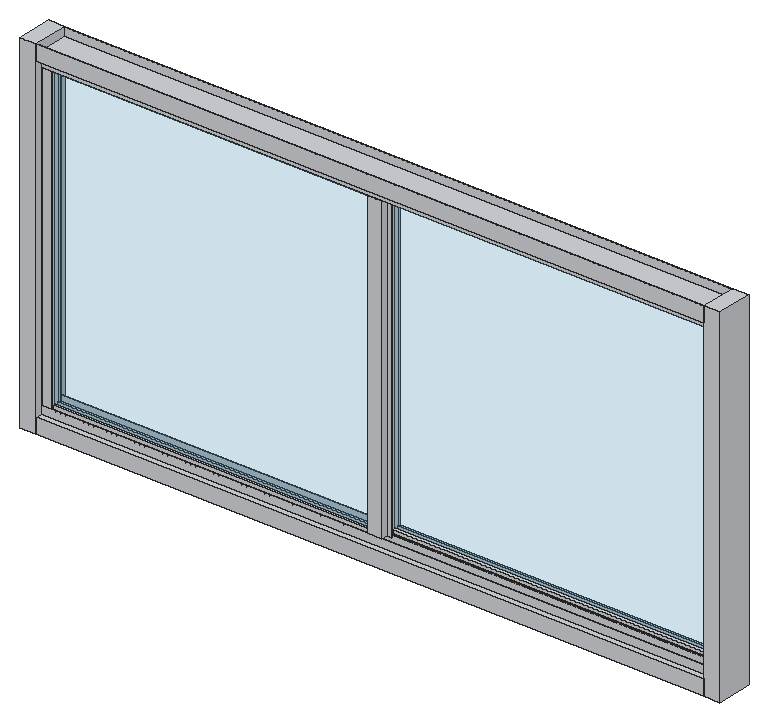
Revit family "MT-VMS_DB-SG_XX", category Windows, host Wall, Revit 2017 (continued)
Definition of nested family "VMS_DB-SG_OX_101mm"
  Definition of nested family "VMS_DB-SG_GLAZED PANEL"
    Definition of nested family "VMS_V3_SGL_MEDIUM"
      Reference planes
        plane 1 "Center (Front/Back)": y = 0
        plane 2: z = 0
        plane 3 "Center (Left/Right)": x = 0
      Lines and regions (mm)
        model lines, in view "Ref. Level"
          curve 1: line (13.914, -23.65, 0) -> (27.914, -23.65, 0)
          curve 2: line (27.914, -23.65, 0) -> (27.914, -22.45, 0)
          curve 3: line (27.914, -22.45, 0) -> (13.914, -22.45, 0)
          curve 4: line (13.914, -22.45, 0) -> (13.914, -1.2, 0)
          curve 5: line (26.414, -1.2, 0) -> (26.414, -5.1, 0)
          curve 6: line (27.914, -6.489, 0) -> (27.914, 0, 0)
          curve 7: line (27.914, 0, 0) -> (0, 0, 0)
          curve 8: line (1.002, -1.2, 0) -> (4.73, -1.2, 0)
          curve 9: line (0, 0, 0) -> (0, -26.9, 0)
          curve 10: line (1.002, -25.7, 0) -> (1.002, -1.2, 0)
          curve 11: line (0, -26.9, 0) -> (21.039, -26.9, 0)
          curve 12: line (21.039, -26.102, 0) -> (13.914, -25.397, 0)
          curve 13: line (13.914, -25.397, 0) -> (13.914, -23.65, 0)
          curve 14: line (13.914, -1.2, 0) -> (26.414, -1.2, 0)
          curve 15: line (12.512, -1.2, 0) -> (12.512, -25.7, 0)
          curve 16: line (12.512, -25.7, 0) -> (6.132, -25.7, 0)
          curve 23: line (6.132, -1.2, 0) -> (12.512, -1.2, 0)
          curve 24: line (4.73, -25.7, 0) -> (1.002, -25.7, 0)
        detail lines, in view "Ref. Level"
          curve 17: line (21.039, -26.102, 0) -> (21.039, -26.9, 0)
          curve 18: line (27.914, -6.489, 0) -> (21.583, -6.489, 0)
          curve 19: line (26.414, -5.1, 0) -> (21.583, -5.1, 0)
          curve 20: line (21.583, -6.489, 0) -> (21.583, -5.1, 0)
          curve 21: line (6.132, -25.7, 0) -> (6.132, -1.2, 0)
          curve 22: line (4.73, -1.2, 0) -> (4.73, -25.7, 0)
    Definition of nested family "VMS_VM64_SILL DETAIL_FINE"
      Reference planes
        plane 1 "Center (Front/Back)": y = 0
        plane 2: z = 0
        plane 3 "Center (Left/Right)": x = 0
      Lines and regions (mm)
        model lines, in view "Ref. Level"
          curve 1: arc (4.124, -13.835, 0) -> (4.075, -13.45, 0) -> (4.124, -13.065, 0) r 1.525
          curve 2: arc (4.529, -12.365, 0) -> (4.813, -12.144, 0) -> (5.14, -11.996, 0) r 1.525
          curve 3: arc (6.06, -11.996, 0) -> (6.369, -12.133, 0) -> (6.64, -12.334, 0) r 1.525
          curve 4: arc (6.64, -12.334, 0) -> (7.145, -12.421, 0) -> (7.426, -11.992, 0) r 0.468
          curve 5: arc (7.426, -11.154, 0) -> (7.404, -11.062, 0) -> (7.342, -10.991, 0) r 0.2
          curve 6: arc (7.342, -10.991, 0) -> (6.899, -10.731, 0) -> (6.419, -10.55, 0) r 3.014
          curve 7: arc (6.419, -10.55, 0) -> (6.261, -10.442, 0) -> (6.2, -10.261, 0) r 0.3
          curve 8: arc (6.2, -1.5, 0) -> (6.288, -1.288, 0) -> (6.5, -1.2, 0) r 0.3
          curve 9: arc (12.312, -1.2, 0) -> (12.453, -1.259, 0) -> (12.512, -1.4, 0) r 0.2
          curve 10: arc (12.512, -25.5, 0) -> (12.453, -25.641, 0) -> (12.312, -25.7, 0) r 0.2
          curve 11: arc (8.4, -25.7, 0) -> (8.259, -25.641, 0) -> (8.2, -25.5, 0) r 0.2
          curve 12: arc (8.2, -23.8, 0) -> (8.141, -23.659, 0) -> (8, -23.6, 0) r 0.2
          curve 13: arc (6.5, -23.6, 0) -> (6.288, -23.512, 0) -> (6.2, -23.3, 0) r 0.3
          curve 14: arc (6.2, -16.639, 0) -> (6.261, -16.458, 0) -> (6.419, -16.35, 0) r 0.3
          curve 15: arc (6.419, -16.35, 0) -> (6.899, -16.169, 0) -> (7.342, -15.909, 0) r 3.014
          curve 16: arc (7.342, -15.909, 0) -> (7.404, -15.838, 0) -> (7.426, -15.746, 0) r 0.2
          curve 17: arc (7.426, -14.908, 0) -> (7.145, -14.479, 0) -> (6.64, -14.566, 0) r 0.468
          curve 18: arc (6.64, -14.566, 0) -> (6.369, -14.767, 0) -> (6.06, -14.904, 0) r 1.525
          curve 19: arc (5.14, -14.904, 0) -> (4.813, -14.756, 0) -> (4.529, -14.535, 0) r 1.525
          curve 20: arc (2.1, -11.652, 0) -> (2.188, -11.864, 0) -> (2.4, -11.952, 0) r 0.3
          curve 21: arc (2.4, -14.952, 0) -> (2.188, -15.04, 0) -> (2.1, -15.252, 0) r 0.3
          curve 22: arc (0.8, -15.352, 0) -> (0.4, -14.952, 0) -> (0, -15.352, 0) r 0.4
          curve 23: arc (0, -19.208, 0) -> (0.088, -19.42, 0) -> (0.3, -19.508, 0) r 0.3
          curve 24: arc (0.9, -19.508, 0) -> (1.112, -19.42, 0) -> (1.2, -19.208, 0) r 0.3
          curve 25: arc (1.2, -17.808, 0) -> (1.288, -17.596, 0) -> (1.5, -17.508, 0) r 0.3
          curve 26: arc (3, -17.508, 0) -> (3.212, -17.42, 0) -> (3.3, -17.208, 0) r 0.3
          curve 27: arc (3.3, -16.724, 0) -> (3.388, -16.512, 0) -> (3.6, -16.424, 0) r 0.3
          curve 28: arc (4.7, -16.424, 0) -> (4.912, -16.512, 0) -> (5, -16.724, 0) r 0.3
          curve 29: arc (5, -23.3, 0) -> (4.912, -23.512, 0) -> (4.7, -23.6, 0) r 0.3
          curve 30: arc (0.3, -23.6, 0) -> (0.088, -23.688, 0) -> (0, -23.9, 0) r 0.3
          curve 31: arc (0, -26.4, 0) -> (0.146, -26.753, 0) -> (0.5, -26.9, 0) r 0.5
          curve 32: arc (2.102, -26.9, 0) -> (2.502, -26.5, 0) -> (2.102, -26.1, 0) r 0.4
          curve 33: arc (5.902, -26.1, 0) -> (5.502, -26.5, 0) -> (5.902, -26.9, 0) r 0.4
          curve 34: arc (19.253, -26.9, 0) -> (19.6, -26.57, 0) -> (19.287, -26.207, 0) r 0.347
          curve 35: arc (16.352, -25.917, 0) -> (16.099, -25.719, 0) -> (16.17, -25.406, 0) r 0.3
          curve 36: arc (16.838, -24.738, 0) -> (16.935, -24.673, 0) -> (17.05, -24.65, 0) r 0.3
          curve 37: arc (27.288, -24.95, 0) -> (27.906, -24.424, 0) -> (27.486, -23.73, 0) r 0.626
          curve 38: arc (26.677, -23.46, 0) -> (26.497, -23.488, 0) -> (26.414, -23.65, 0) r 0.2
          curve 39: arc (25.177, -23.46, 0) -> (24.997, -23.488, 0) -> (24.914, -23.65, 0) r 0.2
          curve 40: arc (23.677, -23.46, 0) -> (23.497, -23.488, 0) -> (23.414, -23.65, 0) r 0.2
          curve 41: arc (16.553, -23.45, 0) -> (16.438, -23.473, 0) -> (16.341, -23.538, 0) r 0.3
          curve 42: arc (14.426, -25.452, 0) -> (14.099, -25.517, 0) -> (13.914, -25.24, 0) r 0.3
          curve 43: arc (13.914, -14.116, 0) -> (13.884, -13.963, 0) -> (13.797, -13.833, 0) r 0.4
          curve 44: arc (13.797, -13.067, 0) -> (13.884, -12.937, 0) -> (13.914, -12.784, 0) r 0.4
          curve 45: arc (13.914, -2.069, 0) -> (14.079, -1.801, 0) -> (14.392, -1.827, 0) r 0.3
          curve 46: arc (14.392, -1.827, 0) -> (18.05, -3.074, 0) -> (21.914, -2.976, 0) r 10.984
          curve 47: arc (21.914, -3.233, 0) -> (22.026, -3.412, 0) -> (22.236, -3.391, 0) r 0.2
          curve 48: arc (23.092, -2.731, 0) -> (23.302, -2.71, 0) -> (23.414, -2.889, 0) r 0.2
          curve 49: arc (23.414, -3.233, 0) -> (23.526, -3.412, 0) -> (23.736, -3.391, 0) r 0.2
          curve 50: arc (24.592, -2.731, 0) -> (24.802, -2.71, 0) -> (24.914, -2.889, 0) r 0.2
          curve 51: arc (24.914, -3.233, 0) -> (25.026, -3.412, 0) -> (25.236, -3.391, 0) r 0.2
          curve 52: arc (26.092, -2.731, 0) -> (26.302, -2.71, 0) -> (26.414, -2.889, 0) r 0.2
          curve 53: arc (26.414, -3.233, 0) -> (26.496, -3.394, 0) -> (26.674, -3.423, 0) r 0.2
          curve 54: arc (27.634, -3.121, 0) -> (27.837, -2.976, 0) -> (27.914, -2.739, 0) r 0.4
          curve 55: arc (27.914, -0.8, 0) -> (27.68, -0.234, 0) -> (27.114, 0, 0) r 0.8
          curve 56: arc (25.737, 0, 0) -> (25.642, -0.015, 0) -> (25.558, -0.06, 0) r 0.3
          curve 57: arc (25.558, -0.06, 0) -> (19.709, -2, 0) -> (13.86, -0.06, 0) r 9.784
          curve 58: arc (13.86, -0.06, 0) -> (13.776, -0.015, 0) -> (13.681, 0, 0) r 0.3
          curve 59: arc (0.5, 0, 0) -> (0.146, -0.146, 0) -> (0, -0.5, 0) r 0.5
          curve 60: arc (0, -3, 0) -> (0.088, -3.212, 0) -> (0.3, -3.3, 0) r 0.3
          curve 61: arc (0.9, -3.3, 0) -> (1.112, -3.212, 0) -> (1.2, -3, 0) r 0.3
          curve 62: arc (1.2, -1.5, 0) -> (1.288, -1.288, 0) -> (1.5, -1.2, 0) r 0.3
          curve 63: arc (4.7, -1.2, 0) -> (4.912, -1.288, 0) -> (5, -1.5, 0) r 0.3
          curve 64: arc (5, -10.176, 0) -> (4.912, -10.388, 0) -> (4.7, -10.476, 0) r 0.3
          curve 65: arc (3.6, -10.476, 0) -> (3.388, -10.388, 0) -> (3.3, -10.176, 0) r 0.3
          curve 66: arc (3.3, -9.692, 0) -> (3.212, -9.48, 0) -> (3, -9.392, 0) r 0.3
          curve 67: arc (1.5, -9.392, 0) -> (1.288, -9.304, 0) -> (1.2, -9.092, 0) r 0.3
          curve 68: arc (1.2, -7.692, 0) -> (1.112, -7.48, 0) -> (0.9, -7.392, 0) r 0.3
          curve 69: arc (0.3, -7.392, 0) -> (0.088, -7.48, 0) -> (0, -7.692, 0) r 0.3
          curve 70: arc (0, -11.552, 0) -> (0.4, -11.952, 0) -> (0.8, -11.552, 0) r 0.4
          curve 71: line (4.529, -14.535, 0) -> (3.976, -14.387, 0)
          curve 72: line (3.976, -14.387, 0) -> (4.124, -13.835, 0)
          curve 73: line (4.124, -13.065, 0) -> (3.976, -12.513, 0)
          curve 74: line (3.976, -12.513, 0) -> (4.529, -12.365, 0)
          curve 75: line (5.14, -11.996, 0) -> (5.6, -11.576, 0)
          curve 76: line (5.6, -11.576, 0) -> (6.06, -11.996, 0)
          curve 77: line (7.426, -11.992, 0) -> (7.426, -11.154, 0)
          curve 78: line (6.2, -10.261, 0) -> (6.2, -1.5, 0)
          curve 79: line (6.5, -1.2, 0) -> (12.312, -1.2, 0)
          curve 80: line (12.512, -1.4, 0) -> (12.512, -25.5, 0)
          curve 81: line (12.312, -25.7, 0) -> (8.4, -25.7, 0)
          curve 82: line (8.2, -25.5, 0) -> (8.2, -23.8, 0)
          curve 83: line (8, -23.6, 0) -> (6.5, -23.6, 0)
          curve 84: line (6.2, -23.3, 0) -> (6.2, -16.639, 0)
          curve 85: line (7.426, -15.746, 0) -> (7.426, -14.908, 0)
          curve 86: line (6.06, -14.904, 0) -> (5.6, -15.324, 0)
          curve 87: line (5.6, -15.324, 0) -> (5.14, -14.904, 0)
          curve 88: line (2.4, -11.952, 0) -> (2.776, -11.952, 0)
          curve 89: line (2.776, -11.952, 0) -> (2.776, -14.952, 0)
          curve 90: line (2.776, -14.952, 0) -> (2.4, -14.952, 0)
          curve 91: line (2.1, -15.252, 0) -> (2.1, -16.452, 0)
          curve 92: line (2.1, -16.452, 0) -> (0.8, -16.452, 0)
          curve 93: line (0.8, -16.452, 0) -> (0.8, -15.352, 0)
          curve 94: line (0, -15.352, 0) -> (0, -19.208, 0)
          curve 95: line (0.3, -19.508, 0) -> (0.9, -19.508, 0)
          curve 96: line (1.2, -19.208, 0) -> (1.2, -17.808, 0)
          curve 97: line (1.5, -17.508, 0) -> (3, -17.508, 0)
          curve 98: line (3.3, -17.208, 0) -> (3.3, -16.724, 0)
          curve 99: line (3.6, -16.424, 0) -> (4.7, -16.424, 0)
          curve 100: line (5, -16.724, 0) -> (5, -23.3, 0)
          curve 101: line (4.7, -23.6, 0) -> (0.3, -23.6, 0)
          curve 102: line (0, -23.9, 0) -> (0, -26.4, 0)
          curve 103: line (0.5, -26.9, 0) -> (2.102, -26.9, 0)
          curve 104: line (2.102, -26.1, 0) -> (1.202, -26.1, 0)
          curve 105: line (1.202, -26.1, 0) -> (1.202, -24.8, 0)
          curve 106: line (1.202, -24.8, 0) -> (6.802, -24.8, 0)
          curve 107: line (6.802, -24.8, 0) -> (6.802, -26.1, 0)
          curve 108: line (6.802, -26.1, 0) -> (5.902, -26.1, 0)
          curve 109: line (5.902, -26.9, 0) -> (19.253, -26.9, 0)
          curve 110: line (19.287, -26.207, 0) -> (16.352, -25.917, 0)
          curve 111: line (16.17, -25.406, 0) -> (16.838, -24.738, 0)
          curve 112: line (17.05, -24.65, 0) -> (22.146, -24.65, 0)
          curve 113: line (22.146, -24.65, 0) -> (23.924, -24.95, 0)
          curve 114: line (23.924, -24.95, 0) -> (27.288, -24.95, 0)
          curve 115: line (27.486, -23.73, 0) -> (26.677, -23.46, 0)
          curve 116: line (26.414, -23.65, 0) -> (26.414, -23.872, 0)
          curve 117: line (26.414, -23.872, 0) -> (25.177, -23.46, 0)
          curve 118: line (24.914, -23.65, 0) -> (24.914, -23.872, 0)
          curve 119: line (24.914, -23.872, 0) -> (23.677, -23.46, 0)
          curve 120: line (23.414, -23.761, 0) -> (22.146, -23.45, 0)
          curve 121: line (22.146, -23.45, 0) -> (16.553, -23.45, 0)
          curve 122: line (16.341, -23.538, 0) -> (14.426, -25.452, 0)
          curve 123: line (13.914, -25.24, 0) -> (13.914, -14.116, 0)
          curve 124: line (13.797, -13.833, 0) -> (13.414, -13.45, 0)
          curve 125: line (13.414, -13.45, 0) -> (13.797, -13.067, 0)
          curve 126: line (13.914, -12.784, 0) -> (13.914, -2.069, 0)
          curve 127: line (21.914, -2.976, 0) -> (21.914, -3.233, 0)
          curve 128: line (22.236, -3.391, 0) -> (23.092, -2.731, 0)
          curve 129: line (23.414, -2.889, 0) -> (23.414, -3.233, 0)
          curve 130: line (23.736, -3.391, 0) -> (24.592, -2.731, 0)
          curve 131: line (24.914, -2.889, 0) -> (24.914, -3.233, 0)
          curve 132: line (25.236, -3.391, 0) -> (26.092, -2.731, 0)
          curve 133: line (26.414, -2.889, 0) -> (26.414, -3.233, 0)
          curve 134: line (26.674, -3.423, 0) -> (27.634, -3.121, 0)
          curve 135: line (27.914, -2.739, 0) -> (27.914, -0.8, 0)
          curve 136: line (27.114, 0, 0) -> (25.737, 0, 0)
          curve 137: line (13.681, 0, 0) -> (0.5, 0, 0)
          curve 138: line (0, -0.5, 0) -> (0, -3, 0)
          curve 139: line (0.3, -3.3, 0) -> (0.9, -3.3, 0)
          curve 140: line (1.2, -3, 0) -> (1.2, -1.5, 0)
          curve 141: line (1.5, -1.2, 0) -> (4.7, -1.2, 0)
          curve 142: line (5, -1.5, 0) -> (5, -10.176, 0)
          curve 143: line (4.7, -10.476, 0) -> (3.6, -10.476, 0)
          curve 144: line (3.3, -10.176, 0) -> (3.3, -9.692, 0)
          curve 145: line (3, -9.392, 0) -> (1.5, -9.392, 0)
          curve 146: line (1.2, -9.092, 0) -> (1.2, -7.692, 0)
          curve 147: line (0.9, -7.392, 0) -> (0.3, -7.392, 0)
          curve 148: line (0, -7.692, 0) -> (0, -11.552, 0)
          curve 149: line (0.8, -11.552, 0) -> (0.8, -10.452, 0)
          curve 150: line (0.8, -10.452, 0) -> (2.1, -10.452, 0)
          curve 151: line (2.1, -10.452, 0) -> (2.1, -11.652, 0)
    Definition of nested family "VMS_VM64_SILL DETAIL_MEDIUM"
      Reference planes
        plane 1 "Center (Front/Back)": y = 0
        plane 2: z = 0
        plane 3 "Center (Left/Right)": x = 0
      Lines and regions (mm)
        model lines, in view "Ref. Level"
          curve 1: line (1.202, -1.2, 0) -> (5, -1.2, 0)
          curve 2: line (12.512, -1.2, 0) -> (12.512, -25.7, 0)
          curve 3: line (12.512, -25.7, 0) -> (6.2, -25.7, 0)
          curve 4: line (6.2, -25.7, 0) -> (6.2, -1.2, 0)
          curve 5: line (5, -1.2, 0) -> (5, -25.7, 0)
          curve 6: line (0, 0, 0) -> (0, -26.9, 0)
          curve 7: line (1.202, -25.7, 0) -> (1.202, -1.2, 0)
          curve 8: line (0, -26.9, 0) -> (19.287, -26.9, 0)
          curve 9: line (19.287, -26.207, 0) -> (15.721, -25.854, 0)
          curve 10: line (15.721, -25.854, 0) -> (16.926, -24.65, 0)
          curve 11: line (16.926, -24.65, 0) -> (27.914, -24.65, 0)
          curve 12: line (27.914, -23.45, 0) -> (16.429, -23.45, 0)
          curve 13: line (16.429, -23.45, 0) -> (13.914, -25.965, 0)
          curve 14: line (13.914, -25.965, 0) -> (13.914, -1.2, 0)
          curve 15: line (27.914, -24.65, 0) -> (27.914, -23.45, 0)
          curve 16: line (27.914, 0, 0) -> (0, 0, 0)
          curve 18: line (6.2, -1.2, 0) -> (12.512, -1.2, 0)
          curve 19: line (5, -25.7, 0) -> (1.202, -25.7, 0)
          curve 20: line (27.914, -1.2, 0) -> (27.914, 0, 0)
          curve 21: line (13.914, -1.2, 0) -> (27.914, -1.2, 0)
        detail lines, in view "Ref. Level"
          curve 17: line (19.287, -26.207, 0) -> (19.287, -26.9, 0)
    Definition of nested family "VMS_VM5_SILL DETAIL_FINE"
      Reference planes
        plane 1 "Center (Front/Back)": y = 0
        plane 2: z = 0
        plane 3 "Center (Left/Right)": x = 0
      Lines and regions (mm)
        model lines, in view "Ref. Level"
          curve 1: arc (26.9, 5.9, 0) -> (26.783, 5.617, 0) -> (26.5, 5.5, 0) r 0.4
          curve 2: arc (26.5, 5.5, 0) -> (26.217, 5.617, 0) -> (26.1, 5.9, 0) r 0.4
          curve 3: arc (26.1, 2.1, 0) -> (26.217, 2.383, 0) -> (26.5, 2.5, 0) r 0.4
          curve 4: arc (26.5, 2.5, 0) -> (26.783, 2.383, 0) -> (26.9, 2.1, 0) r 0.4
          curve 5: arc (26.9, 0.5, 0) -> (26.754, 0.146, 0) -> (26.4, 0, 0) r 0.5
          curve 6: arc (23.9, 0, 0) -> (23.688, 0.088, 0) -> (23.6, 0.3, 0) r 0.3
          curve 7: arc (23.6, 4.7, 0) -> (23.512, 4.912, 0) -> (23.3, 5, 0) r 0.3
          curve 8: arc (16.724, 5, 0) -> (16.512, 4.912, 0) -> (16.424, 4.7, 0) r 0.3
          curve 9: arc (16.424, 3.6, 0) -> (16.512, 3.388, 0) -> (16.724, 3.3, 0) r 0.3
          curve 10: arc (17.208, 3.3, 0) -> (17.42, 3.212, 0) -> (17.508, 3, 0) r 0.3
          curve 11: arc (17.508, 1.5, 0) -> (17.596, 1.288, 0) -> (17.808, 1.2, 0) r 0.3
          curve 12: arc (19.208, 1.2, 0) -> (19.42, 1.112, 0) -> (19.508, 0.9, 0) r 0.3
          curve 13: arc (19.508, 0.3, 0) -> (19.42, 0.088, 0) -> (19.208, 0, 0) r 0.3
          curve 14: arc (15.348, 0, 0) -> (14.948, 0.4, 0) -> (15.348, 0.8, 0) r 0.4
          curve 15: arc (15.248, 2.1, 0) -> (15.036, 2.188, 0) -> (14.948, 2.4, 0) r 0.3
          curve 16: arc (11.948, 2.4, 0) -> (11.86, 2.188, 0) -> (11.648, 2.1, 0) r 0.3
          curve 17: arc (11.548, 0.8, 0) -> (11.948, 0.4, 0) -> (11.548, 0, 0) r 0.4
          curve 18: arc (7.692, 0, 0) -> (7.48, 0.088, 0) -> (7.392, 0.3, 0) r 0.3
          curve 19: arc (7.392, 0.9, 0) -> (7.48, 1.112, 0) -> (7.692, 1.2, 0) r 0.3
          curve 20: arc (9.092, 1.2, 0) -> (9.304, 1.288, 0) -> (9.392, 1.5, 0) r 0.3
          curve 21: arc (9.392, 3, 0) -> (9.48, 3.212, 0) -> (9.692, 3.3, 0) r 0.3
          curve 22: arc (10.176, 3.3, 0) -> (10.388, 3.388, 0) -> (10.476, 3.6, 0) r 0.3
          curve 23: arc (10.476, 4.7, 0) -> (10.388, 4.912, 0) -> (10.176, 5, 0) r 0.3
          curve 24: arc (3.6, 5, 0) -> (3.388, 4.912, 0) -> (3.3, 4.7, 0) r 0.3
          curve 25: arc (3.3, 0.3, 0) -> (3.212, 0.088, 0) -> (3, 0, 0) r 0.3
          curve 26: arc (0.5, 0, 0) -> (0.146, 0.146, 0) -> (0, 0.5, 0) r 0.5
          curve 27: arc (0, 2.1, 0) -> (0.117, 2.383, 0) -> (0.4, 2.5, 0) r 0.4
          curve 28: arc (0.4, 2.5, 0) -> (0.683, 2.383, 0) -> (0.8, 2.1, 0) r 0.4
          curve 29: arc (0.8, 5.9, 0) -> (0.683, 5.617, 0) -> (0.4, 5.5, 0) r 0.4
          curve 30: arc (0.4, 5.5, 0) -> (0.117, 5.617, 0) -> (0, 5.9, 0) r 0.4
          curve 31: arc (0, 13.679, 0) -> (0.015, 13.774, 0) -> (0.06, 13.858, 0) r 0.3
          curve 32: arc (0.06, 13.858, 0) -> (2, 19.707, 0) -> (0.06, 25.556, 0) r 9.784
          curve 33: arc (0.06, 25.556, 0) -> (0.015, 25.64, 0) -> (0, 25.735, 0) r 0.3
          curve 34: arc (0, 27.112, 0) -> (0.234, 27.678, 0) -> (0.8, 27.912, 0) r 0.8
          curve 35: arc (6.489, 27.912, 0) -> (6.723, 27.837, 0) -> (6.869, 27.639, 0) r 0.4
          curve 36: arc (7.19, 26.675, 0) -> (7.162, 26.495, 0) -> (7, 26.412, 0) r 0.2
          curve 37: arc (7.19, 25.175, 0) -> (7.162, 24.995, 0) -> (7, 24.912, 0) r 0.2
          curve 38: arc (7.19, 23.675, 0) -> (7.162, 23.495, 0) -> (7, 23.412, 0) r 0.2
          curve 39: arc (7.19, 22.175, 0) -> (7.162, 21.995, 0) -> (7, 21.912, 0) r 0.2
          curve 40: arc (6.362, 21.912, 0) -> (6.187, 21.969, 0) -> (6.078, 22.117, 0) r 0.3
          curve 41: arc (5.4, 26.112, 0) -> (5.312, 26.324, 0) -> (5.1, 26.412, 0) r 0.3
          curve 42: arc (1.879, 26.412, 0) -> (1.441, 26.152, 0) -> (1.459, 25.642, 0) r 0.5
          curve 43: arc (1.459, 25.642, 0) -> (3.194, 20.067, 0) -> (1.827, 14.39, 0) r 10.984
          curve 44: arc (1.827, 14.39, 0) -> (1.801, 14.077, 0) -> (2.069, 13.912, 0) r 0.3
          curve 45: arc (12.784, 13.912, 0) -> (12.937, 13.882, 0) -> (13.067, 13.795, 0) r 0.4
          curve 46: arc (13.833, 13.795, 0) -> (13.963, 13.882, 0) -> (14.116, 13.912, 0) r 0.4
          curve 47: arc (24.831, 13.912, 0) -> (25.099, 14.077, 0) -> (25.073, 14.39, 0) r 0.3
          curve 48: arc (25.073, 14.39, 0) -> (23.706, 20.067, 0) -> (25.441, 25.642, 0) r 10.984
          curve 49: arc (25.441, 25.642, 0) -> (25.459, 26.152, 0) -> (25.021, 26.412, 0) r 0.5
          curve 50: arc (21.8, 26.412, 0) -> (21.588, 26.324, 0) -> (21.5, 26.112, 0) r 0.3
          curve 51: arc (20.822, 22.117, 0) -> (20.713, 21.969, 0) -> (20.538, 21.912, 0) r 0.3
          curve 52: arc (19.9, 21.912, 0) -> (19.738, 21.995, 0) -> (19.71, 22.175, 0) r 0.2
          curve 53: arc (19.9, 23.412, 0) -> (19.738, 23.495, 0) -> (19.71, 23.675, 0) r 0.2
          curve 54: arc (19.9, 24.912, 0) -> (19.738, 24.995, 0) -> (19.71, 25.175, 0) r 0.2
          curve 55: arc (19.9, 26.412, 0) -> (19.738, 26.495, 0) -> (19.71, 26.675, 0) r 0.2
          curve 56: arc (20.031, 27.639, 0) -> (20.177, 27.837, 0) -> (20.411, 27.912, 0) r 0.4
          curve 57: arc (26.1, 27.912, 0) -> (26.666, 27.678, 0) -> (26.9, 27.112, 0) r 0.8
          curve 58: arc (26.9, 25.735, 0) -> (26.885, 25.64, 0) -> (26.84, 25.556, 0) r 0.3
          curve 59: arc (26.84, 25.556, 0) -> (24.9, 19.707, 0) -> (26.84, 13.858, 0) r 9.784
          curve 60: arc (26.84, 13.858, 0) -> (26.885, 13.774, 0) -> (26.9, 13.679, 0) r 0.3
          curve 61: arc (10.55, 6.419, 0) -> (10.731, 6.899, 0) -> (10.991, 7.342, 0) r 3.014
          curve 62: arc (10.991, 7.342, 0) -> (11.062, 7.404, 0) -> (11.154, 7.426, 0) r 0.2
          curve 63: arc (11.992, 7.426, 0) -> (12.421, 7.145, 0) -> (12.334, 6.64, 0) r 0.468
          curve 64: arc (12.334, 6.64, 0) -> (12.133, 6.369, 0) -> (11.996, 6.06, 0) r 1.525
          curve 65: arc (11.996, 5.14, 0) -> (12.144, 4.813, 0) -> (12.365, 4.529, 0) r 1.525
          curve 66: arc (13.065, 4.124, 0) -> (13.45, 4.075, 0) -> (13.835, 4.124, 0) r 1.525
          curve 67: arc (14.535, 4.529, 0) -> (14.756, 4.813, 0) -> (14.904, 5.14, 0) r 1.525
          curve 68: arc (14.904, 6.06, 0) -> (14.767, 6.369, 0) -> (14.566, 6.64, 0) r 1.525
          curve 69: arc (14.566, 6.64, 0) -> (14.479, 7.145, 0) -> (14.908, 7.426, 0) r 0.468
          curve 70: arc (15.746, 7.426, 0) -> (15.838, 7.404, 0) -> (15.909, 7.342, 0) r 0.2
          curve 71: arc (15.909, 7.342, 0) -> (16.169, 6.899, 0) -> (16.35, 6.419, 0) r 3.014
          curve 72: arc (16.35, 6.419, 0) -> (16.458, 6.261, 0) -> (16.639, 6.2, 0) r 0.3
          curve 73: arc (23.3, 6.2, 0) -> (23.512, 6.288, 0) -> (23.6, 6.5, 0) r 0.3
          curve 74: arc (23.6, 8, 0) -> (23.659, 8.141, 0) -> (23.8, 8.2, 0) r 0.2
          curve 75: arc (25.5, 8.2, 0) -> (25.641, 8.259, 0) -> (25.7, 8.4, 0) r 0.2
          curve 76: arc (25.7, 12.312, 0) -> (25.641, 12.453, 0) -> (25.5, 12.512, 0) r 0.2
          curve 77: arc (1.4, 12.512, 0) -> (1.259, 12.453, 0) -> (1.2, 12.312, 0) r 0.2
          curve 78: arc (1.2, 8.4, 0) -> (1.259, 8.259, 0) -> (1.4, 8.2, 0) r 0.2
          curve 79: arc (3.1, 8.2, 0) -> (3.241, 8.141, 0) -> (3.3, 8, 0) r 0.2
          curve 80: arc (3.3, 6.5, 0) -> (3.388, 6.288, 0) -> (3.6, 6.2, 0) r 0.3
          curve 81: line (26.1, 5.9, 0) -> (26.1, 7, 0)
          curve 82: line (26.1, 7, 0) -> (24.8, 7, 0)
          curve 83: line (24.8, 7, 0) -> (24.8, 1, 0)
          curve 84: line (24.8, 1, 0) -> (26.1, 1, 0)
          curve 85: line (26.1, 1, 0) -> (26.1, 2.1, 0)
          curve 86: line (26.9, 2.1, 0) -> (26.9, 0.5, 0)
          curve 87: line (26.4, 0, 0) -> (23.9, 0, 0)
          curve 88: line (23.6, 0.3, 0) -> (23.6, 4.7, 0)
          curve 89: line (23.3, 5, 0) -> (16.724, 5, 0)
          curve 90: line (16.424, 4.7, 0) -> (16.424, 3.6, 0)
          curve 91: line (16.724, 3.3, 0) -> (17.208, 3.3, 0)
          curve 92: line (17.508, 3, 0) -> (17.508, 1.5, 0)
          curve 93: line (17.808, 1.2, 0) -> (19.208, 1.2, 0)
          curve 94: line (19.508, 0.9, 0) -> (19.508, 0.3, 0)
          curve 95: line (19.208, 0, 0) -> (15.348, 0, 0)
          curve 96: line (15.348, 0.8, 0) -> (16.448, 0.8, 0)
          curve 97: line (16.448, 0.8, 0) -> (16.448, 2.1, 0)
          curve 98: line (16.448, 2.1, 0) -> (15.248, 2.1, 0)
          curve 99: line (14.948, 2.4, 0) -> (14.948, 2.776, 0)
          curve 100: line (14.948, 2.776, 0) -> (11.948, 2.776, 0)
          curve 101: line (11.948, 2.776, 0) -> (11.948, 2.4, 0)
          curve 102: line (11.648, 2.1, 0) -> (10.448, 2.1, 0)
          curve 103: line (10.448, 2.1, 0) -> (10.448, 0.8, 0)
          curve 104: line (10.448, 0.8, 0) -> (11.548, 0.8, 0)
          curve 105: line (11.548, 0, 0) -> (7.692, 0, 0)
          curve 106: line (7.392, 0.3, 0) -> (7.392, 0.9, 0)
          curve 107: line (7.692, 1.2, 0) -> (9.092, 1.2, 0)
          curve 108: line (9.392, 1.5, 0) -> (9.392, 3, 0)
          curve 109: line (9.692, 3.3, 0) -> (10.176, 3.3, 0)
          curve 110: line (10.476, 3.6, 0) -> (10.476, 4.7, 0)
          curve 111: line (10.176, 5, 0) -> (3.6, 5, 0)
          curve 112: line (3.3, 4.7, 0) -> (3.3, 0.3, 0)
          curve 113: line (3, 0, 0) -> (0.5, 0, 0)
          curve 114: line (0, 0.5, 0) -> (0, 2.1, 0)
          curve 115: line (0.8, 2.1, 0) -> (0.8, 1, 0)
          curve 116: line (0.8, 1, 0) -> (2.1, 1, 0)
          curve 117: line (2.1, 1, 0) -> (2.1, 7, 0)
          curve 118: line (2.1, 7, 0) -> (0.8, 7, 0)
          curve 119: line (0.8, 7, 0) -> (0.8, 5.9, 0)
          curve 120: line (0, 5.9, 0) -> (0, 13.679, 0)
          curve 121: line (0, 25.735, 0) -> (0, 27.112, 0)
          curve 122: line (0.8, 27.912, 0) -> (6.489, 27.912, 0)
          curve 123: line (6.869, 27.639, 0) -> (7.19, 26.675, 0)
          curve 124: line (7, 26.412, 0) -> (6.777, 26.412, 0)
          curve 125: line (6.777, 26.412, 0) -> (7.19, 25.175, 0)
          curve 126: line (7, 24.912, 0) -> (6.777, 24.912, 0)
          curve 127: line (6.777, 24.912, 0) -> (7.19, 23.675, 0)
          curve 128: line (7, 23.412, 0) -> (6.777, 23.412, 0)
          curve 129: line (6.777, 23.412, 0) -> (7.19, 22.175, 0)
          curve 130: line (7, 21.912, 0) -> (6.362, 21.912, 0)
          curve 131: line (6.078, 22.117, 0) -> (5.415, 24.104, 0)
          curve 132: line (5.415, 24.104, 0) -> (5.4, 26.112, 0)
          curve 133: line (5.1, 26.412, 0) -> (1.879, 26.412, 0)
          curve 134: line (2.069, 13.912, 0) -> (12.784, 13.912, 0)
          curve 135: line (13.067, 13.795, 0) -> (13.45, 13.412, 0)
          curve 136: line (13.45, 13.412, 0) -> (13.833, 13.795, 0)
          curve 137: line (14.116, 13.912, 0) -> (24.831, 13.912, 0)
          curve 138: line (25.021, 26.412, 0) -> (21.8, 26.412, 0)
          curve 139: line (21.5, 26.112, 0) -> (21.5, 24.198, 0)
          curve 140: line (21.5, 24.198, 0) -> (20.822, 22.117, 0)
          curve 141: line (20.538, 21.912, 0) -> (19.9, 21.912, 0)
          curve 142: line (19.71, 22.175, 0) -> (20.123, 23.412, 0)
          curve 143: line (20.123, 23.412, 0) -> (19.9, 23.412, 0)
          curve 144: line (19.71, 23.675, 0) -> (20.123, 24.912, 0)
          curve 145: line (20.123, 24.912, 0) -> (19.9, 24.912, 0)
          curve 146: line (19.71, 25.175, 0) -> (20.123, 26.412, 0)
          curve 147: line (20.123, 26.412, 0) -> (19.9, 26.412, 0)
          curve 148: line (19.71, 26.675, 0) -> (20.031, 27.639, 0)
          curve 149: line (20.411, 27.912, 0) -> (26.1, 27.912, 0)
          curve 150: line (26.9, 27.112, 0) -> (26.9, 25.735, 0)
          curve 151: line (26.9, 13.679, 0) -> (26.9, 5.9, 0)
          curve 152: line (11.154, 7.426, 0) -> (11.992, 7.426, 0)
          curve 153: line (11.996, 6.06, 0) -> (11.576, 5.6, 0)
          curve 154: line (11.576, 5.6, 0) -> (11.996, 5.14, 0)
          curve 155: line (12.365, 4.529, 0) -> (12.513, 3.976, 0)
          curve 156: line (12.513, 3.976, 0) -> (13.065, 4.124, 0)
          curve 157: line (13.835, 4.124, 0) -> (14.387, 3.976, 0)
          curve 158: line (14.387, 3.976, 0) -> (14.535, 4.529, 0)
          curve 159: line (14.904, 5.14, 0) -> (15.324, 5.6, 0)
          curve 160: line (15.324, 5.6, 0) -> (14.904, 6.06, 0)
          curve 161: line (14.908, 7.426, 0) -> (15.746, 7.426, 0)
          curve 162: line (16.639, 6.2, 0) -> (23.3, 6.2, 0)
          curve 163: line (23.6, 6.5, 0) -> (23.6, 8, 0)
          curve 164: line (23.8, 8.2, 0) -> (25.5, 8.2, 0)
          curve 165: line (25.7, 8.4, 0) -> (25.7, 12.312, 0)
          curve 166: line (25.5, 12.512, 0) -> (1.4, 12.512, 0)
          curve 167: line (1.2, 12.312, 0) -> (1.2, 8.4, 0)
          curve 168: line (1.4, 8.2, 0) -> (3.1, 8.2, 0)
          curve 169: line (3.3, 8, 0) -> (3.3, 6.5, 0)
          curve 170: line (3.6, 6.2, 0) -> (10.261, 6.2, 0)
          curve 171: arc (10.261, 6.2, 0) -> (10.442, 6.261, 0) -> (10.55, 6.419, 0) r 0.3
    Definition of nested family "VMS_VM5_SILL DETAIL_MEDIUM"
      Reference planes
        plane 1 "Center (Front/Back)": y = 0
        plane 2: z = 0
        plane 3 "Center (Left/Right)": x = 0
      Lines and regions (mm)
        model lines, in view "Ref. Level"
          curve 1: line (1.2, 1, 0) -> (25.7, 1, 0)
          curve 2: line (26.9, 0, 0) -> (0, 0, 0)
          curve 3: line (25.7, 5, 0) -> (1.2, 5, 0)
          curve 4: line (0, 0, 0) -> (0, 27.912, 0)
          curve 5: line (0, 27.912, 0) -> (6.489, 27.912, 0)
          curve 6: line (6.489, 21.912, 0) -> (5.432, 21.912, 0)
          curve 7: line (5.432, 21.912, 0) -> (5.398, 26.412, 0)
          curve 8: line (5.398, 26.412, 0) -> (1.2, 26.412, 0)
          curve 9: line (1.2, 13.912, 0) -> (25.7, 13.912, 0)
          curve 10: line (25.7, 26.412, 0) -> (21.5, 26.412, 0)
          curve 11: line (21.5, 26.412, 0) -> (21.5, 21.912, 0)
          curve 12: line (21.5, 21.912, 0) -> (20.411, 21.912, 0)
          curve 13: line (20.411, 27.912, 0) -> (26.9, 27.912, 0)
          curve 14: line (26.9, 27.912, 0) -> (26.9, 0, 0)
          curve 15: line (1.2, 6.2, 0) -> (25.7, 6.2, 0)
          curve 16: line (25.7, 1, 0) -> (25.7, 5, 0)
          curve 17: line (25.7, 12.512, 0) -> (1.2, 12.512, 0)
          curve 18: line (1.2, 26.412, 0) -> (1.2, 13.912, 0)
          curve 19: line (1.2, 5, 0) -> (1.2, 1, 0)
          curve 20: line (25.7, 13.912, 0) -> (25.7, 26.412, 0)
          curve 21: line (1.2, 12.512, 0) -> (1.2, 6.2, 0)
          curve 22: line (25.7, 6.2, 0) -> (25.7, 12.512, 0)
        detail lines, in view "Ref. Level"
          curve 23: line (6.489, 27.912, 0) -> (6.489, 21.912, 0)
          curve 24: line (20.411, 27.912, 0) -> (20.411, 21.912, 0)
    Definition of nested family "VMS_VM66_SILL DETAIL_FINE"
      Reference planes
        plane 1 "Center (Front/Back)": y = 0
        plane 2: z = 0
        plane 3 "Center (Left/Right)": x = 0
      Lines and regions (mm)
        model lines, in view "Ref. Level"
          curve 1: arc (11.648, 2.1, 0) -> (11.86, 2.188, 0) -> (11.948, 2.4, 0) r 0.3
          curve 2: arc (14.948, 2.4, 0) -> (15.036, 2.188, 0) -> (15.248, 2.1, 0) r 0.3
          curve 3: arc (15.348, 0.8, 0) -> (14.948, 0.4, 0) -> (15.348, 0, 0) r 0.4
          curve 4: arc (19.208, 0, 0) -> (19.42, 0.088, 0) -> (19.508, 0.3, 0) r 0.3
          curve 5: arc (19.508, 0.9, 0) -> (19.42, 1.112, 0) -> (19.208, 1.2, 0) r 0.3
          curve 6: arc (17.808, 1.2, 0) -> (17.596, 1.288, 0) -> (17.508, 1.5, 0) r 0.3
          curve 7: arc (17.508, 3, 0) -> (17.42, 3.212, 0) -> (17.208, 3.3, 0) r 0.3
          curve 8: arc (16.724, 3.3, 0) -> (16.512, 3.388, 0) -> (16.424, 3.6, 0) r 0.3
          curve 9: arc (16.424, 4.7, 0) -> (16.512, 4.912, 0) -> (16.724, 5, 0) r 0.3
          curve 10: arc (23.3, 5, 0) -> (23.512, 4.912, 0) -> (23.6, 4.7, 0) r 0.3
          curve 11: arc (23.6, 0.3, 0) -> (23.688, 0.088, 0) -> (23.9, 0, 0) r 0.3
          curve 12: arc (26.4, 0, 0) -> (26.753, 0.146, 0) -> (26.9, 0.5, 0) r 0.5
          curve 13: arc (26.9, 2.1, 0) -> (26.5, 2.5, 0) -> (26.1, 2.1, 0) r 0.4
          curve 14: arc (26.1, 5.9, 0) -> (26.5, 5.5, 0) -> (26.9, 5.9, 0) r 0.4
          curve 15: arc (26.9, 13.679, 0) -> (26.885, 13.774, 0) -> (26.84, 13.858, 0) r 0.3
          curve 16: arc (26.84, 13.858, 0) -> (24.9, 19.707, 0) -> (26.84, 25.556, 0) r 9.784
          curve 17: arc (26.84, 25.556, 0) -> (26.885, 25.64, 0) -> (26.9, 25.735, 0) r 0.3
          curve 18: arc (26.9, 27.112, 0) -> (26.666, 27.678, 0) -> (26.1, 27.912, 0) r 0.8
          curve 19: arc (24.161, 27.912, 0) -> (23.924, 27.835, 0) -> (23.779, 27.632, 0) r 0.4
          curve 20: arc (23.477, 26.672, 0) -> (23.506, 26.494, 0) -> (23.667, 26.412, 0) r 0.2
          curve 21: arc (24.011, 26.412, 0) -> (24.19, 26.3, 0) -> (24.169, 26.09, 0) r 0.2
          curve 22: arc (23.509, 25.234, 0) -> (23.488, 25.024, 0) -> (23.667, 24.912, 0) r 0.2
          curve 23: arc (24.011, 24.912, 0) -> (24.19, 24.8, 0) -> (24.169, 24.59, 0) r 0.2
          curve 24: arc (23.509, 23.734, 0) -> (23.488, 23.524, 0) -> (23.667, 23.412, 0) r 0.2
          curve 25: arc (24.011, 23.412, 0) -> (24.19, 23.3, 0) -> (24.169, 23.09, 0) r 0.2
          curve 26: arc (23.509, 22.234, 0) -> (23.488, 22.024, 0) -> (23.667, 21.912, 0) r 0.2
          curve 27: arc (23.924, 21.912, 0) -> (23.826, 18.048, 0) -> (25.073, 14.39, 0) r 10.984
          curve 28: arc (25.073, 14.39, 0) -> (25.099, 14.077, 0) -> (24.831, 13.912, 0) r 0.3
          curve 29: arc (14.116, 13.912, 0) -> (13.963, 13.882, 0) -> (13.833, 13.795, 0) r 0.4
          curve 30: arc (13.067, 13.795, 0) -> (12.937, 13.882, 0) -> (12.784, 13.912, 0) r 0.4
          curve 31: arc (2.069, 13.912, 0) -> (1.801, 14.077, 0) -> (1.827, 14.39, 0) r 0.3
          curve 32: arc (1.827, 14.39, 0) -> (3.074, 18.048, 0) -> (2.976, 21.912, 0) r 10.984
          curve 33: arc (3.233, 21.912, 0) -> (3.412, 22.024, 0) -> (3.391, 22.234, 0) r 0.2
          curve 34: arc (2.731, 23.09, 0) -> (2.71, 23.3, 0) -> (2.889, 23.412, 0) r 0.2
          curve 35: arc (3.233, 23.412, 0) -> (3.412, 23.524, 0) -> (3.391, 23.734, 0) r 0.2
          curve 36: arc (2.731, 24.59, 0) -> (2.71, 24.8, 0) -> (2.889, 24.912, 0) r 0.2
          curve 37: arc (3.233, 24.912, 0) -> (3.412, 25.024, 0) -> (3.391, 25.234, 0) r 0.2
          curve 38: arc (2.731, 26.09, 0) -> (2.71, 26.3, 0) -> (2.889, 26.412, 0) r 0.2
          curve 39: arc (3.233, 26.412, 0) -> (3.394, 26.494, 0) -> (3.423, 26.672, 0) r 0.2
          curve 40: arc (3.121, 27.632, 0) -> (2.976, 27.835, 0) -> (2.739, 27.912, 0) r 0.4
          curve 41: arc (0.8, 27.912, 0) -> (0.234, 27.678, 0) -> (0, 27.112, 0) r 0.8
          curve 42: arc (0, 25.735, 0) -> (0.015, 25.64, 0) -> (0.06, 25.556, 0) r 0.3
          curve 43: arc (0.06, 25.556, 0) -> (2, 19.707, 0) -> (0.06, 13.858, 0) r 9.784
          curve 44: arc (0.06, 13.858, 0) -> (0.015, 13.774, 0) -> (0, 13.679, 0) r 0.3
          curve 45: arc (0, 5.9, 0) -> (0.4, 5.5, 0) -> (0.8, 5.9, 0) r 0.4
          curve 46: arc (0.8, 2.1, 0) -> (0.4, 2.5, 0) -> (0, 2.1, 0) r 0.4
          curve 47: arc (0, 0.5, 0) -> (0.146, 0.146, 0) -> (0.5, 0, 0) r 0.5
          curve 48: arc (3, 0, 0) -> (3.212, 0.088, 0) -> (3.3, 0.3, 0) r 0.3
          curve 49: arc (3.3, 4.7, 0) -> (3.388, 4.912, 0) -> (3.6, 5, 0) r 0.3
          curve 50: arc (10.176, 5, 0) -> (10.388, 4.912, 0) -> (10.476, 4.7, 0) r 0.3
          curve 51: arc (10.476, 3.6, 0) -> (10.388, 3.388, 0) -> (10.176, 3.3, 0) r 0.3
          curve 52: arc (9.692, 3.3, 0) -> (9.48, 3.212, 0) -> (9.392, 3, 0) r 0.3
          curve 53: arc (9.392, 1.5, 0) -> (9.304, 1.288, 0) -> (9.092, 1.2, 0) r 0.3
          curve 54: arc (7.692, 1.2, 0) -> (7.48, 1.112, 0) -> (7.392, 0.9, 0) r 0.3
          curve 55: arc (7.392, 0.3, 0) -> (7.48, 0.088, 0) -> (7.692, 0, 0) r 0.3
          curve 56: arc (11.548, 0, 0) -> (11.948, 0.4, 0) -> (11.548, 0.8, 0) r 0.4
          curve 57: arc (12.365, 4.529, 0) -> (12.144, 4.813, 0) -> (11.996, 5.14, 0) r 1.525
          curve 58: arc (11.996, 6.06, 0) -> (12.133, 6.369, 0) -> (12.334, 6.64, 0) r 1.525
          curve 59: arc (12.334, 6.64, 0) -> (12.421, 7.145, 0) -> (11.992, 7.426, 0) r 0.468
          curve 60: arc (11.154, 7.426, 0) -> (11.062, 7.404, 0) -> (10.991, 7.342, 0) r 0.2
          curve 61: arc (10.991, 7.342, 0) -> (10.731, 6.899, 0) -> (10.55, 6.419, 0) r 3.014
          curve 62: arc (10.55, 6.419, 0) -> (10.442, 6.261, 0) -> (10.261, 6.2, 0) r 0.3
          curve 63: arc (3.6, 6.2, 0) -> (3.388, 6.288, 0) -> (3.3, 6.5, 0) r 0.3
          curve 64: arc (3.3, 8, 0) -> (3.241, 8.141, 0) -> (3.1, 8.2, 0) r 0.2
          curve 65: arc (1.4, 8.2, 0) -> (1.259, 8.258, 0) -> (1.2, 8.4, 0) r 0.2
          curve 66: arc (1.2, 12.312, 0) -> (1.259, 12.453, 0) -> (1.4, 12.512, 0) r 0.2
          curve 67: arc (25.5, 12.512, 0) -> (25.641, 12.453, 0) -> (25.7, 12.312, 0) r 0.2
          curve 68: arc (25.7, 8.4, 0) -> (25.641, 8.258, 0) -> (25.5, 8.2, 0) r 0.2
          curve 69: arc (23.8, 8.2, 0) -> (23.659, 8.141, 0) -> (23.6, 8, 0) r 0.2
          curve 70: arc (23.6, 6.5, 0) -> (23.512, 6.288, 0) -> (23.3, 6.2, 0) r 0.3
          curve 71: arc (16.639, 6.2, 0) -> (16.458, 6.261, 0) -> (16.35, 6.419, 0) r 0.3
          curve 72: arc (16.35, 6.419, 0) -> (16.169, 6.899, 0) -> (15.909, 7.342, 0) r 3.014
          curve 73: arc (15.909, 7.342, 0) -> (15.838, 7.404, 0) -> (15.746, 7.426, 0) r 0.2
          curve 74: arc (14.908, 7.426, 0) -> (14.479, 7.145, 0) -> (14.566, 6.64, 0) r 0.468
          curve 75: arc (14.566, 6.64, 0) -> (14.767, 6.369, 0) -> (14.904, 6.06, 0) r 1.525
          curve 76: arc (14.904, 5.14, 0) -> (14.756, 4.813, 0) -> (14.535, 4.529, 0) r 1.525
          curve 77: arc (13.835, 4.124, 0) -> (13.45, 4.075, 0) -> (13.065, 4.124, 0) r 1.525
          curve 78: line (11.548, 0.8, 0) -> (10.448, 0.8, 0)
          curve 79: line (10.448, 0.8, 0) -> (10.448, 2.1, 0)
          curve 80: line (10.448, 2.1, 0) -> (11.648, 2.1, 0)
          curve 81: line (11.948, 2.4, 0) -> (11.948, 2.776, 0)
          curve 82: line (11.948, 2.776, 0) -> (14.948, 2.776, 0)
          curve 83: line (14.948, 2.776, 0) -> (14.948, 2.4, 0)
          curve 84: line (15.248, 2.1, 0) -> (16.448, 2.1, 0)
          curve 85: line (16.448, 2.1, 0) -> (16.448, 0.8, 0)
          curve 86: line (16.448, 0.8, 0) -> (15.348, 0.8, 0)
          curve 87: line (15.348, 0, 0) -> (19.208, 0, 0)
          curve 88: line (19.508, 0.3, 0) -> (19.508, 0.9, 0)
          curve 89: line (19.208, 1.2, 0) -> (17.808, 1.2, 0)
          curve 90: line (17.508, 1.5, 0) -> (17.508, 3, 0)
          curve 91: line (17.208, 3.3, 0) -> (16.724, 3.3, 0)
          curve 92: line (16.424, 3.6, 0) -> (16.424, 4.7, 0)
          curve 93: line (16.724, 5, 0) -> (23.3, 5, 0)
          curve 94: line (23.6, 4.7, 0) -> (23.6, 0.3, 0)
          curve 95: line (23.9, 0, 0) -> (26.4, 0, 0)
          curve 96: line (26.9, 0.5, 0) -> (26.9, 2.1, 0)
          curve 97: line (26.1, 2.1, 0) -> (26.1, 1.2, 0)
          curve 98: line (26.1, 1.2, 0) -> (24.8, 1.2, 0)
          curve 99: line (24.8, 1.2, 0) -> (24.8, 6.8, 0)
          curve 100: line (24.8, 6.8, 0) -> (26.1, 6.8, 0)
          curve 101: line (26.1, 6.8, 0) -> (26.1, 5.9, 0)
          curve 102: line (26.9, 5.9, 0) -> (26.9, 13.679, 0)
          curve 103: line (26.9, 25.735, 0) -> (26.9, 27.112, 0)
          curve 104: line (26.1, 27.912, 0) -> (24.161, 27.912, 0)
          curve 105: line (23.779, 27.632, 0) -> (23.477, 26.672, 0)
          curve 106: line (23.667, 26.412, 0) -> (24.011, 26.412, 0)
          curve 107: line (24.169, 26.09, 0) -> (23.509, 25.234, 0)
          curve 108: line (23.667, 24.912, 0) -> (24.011, 24.912, 0)
          curve 109: line (24.169, 24.59, 0) -> (23.509, 23.734, 0)
          curve 110: line (23.667, 23.412, 0) -> (24.011, 23.412, 0)
          curve 111: line (24.169, 23.09, 0) -> (23.509, 22.234, 0)
          curve 112: line (23.667, 21.912, 0) -> (23.924, 21.912, 0)
          curve 113: line (24.831, 13.912, 0) -> (14.116, 13.912, 0)
          curve 114: line (13.833, 13.795, 0) -> (13.45, 13.412, 0)
          curve 115: line (13.45, 13.412, 0) -> (13.067, 13.795, 0)
          curve 116: line (12.784, 13.912, 0) -> (2.069, 13.912, 0)
          curve 117: line (2.976, 21.912, 0) -> (3.233, 21.912, 0)
          curve 118: line (3.391, 22.234, 0) -> (2.731, 23.09, 0)
          curve 119: line (2.889, 23.412, 0) -> (3.233, 23.412, 0)
          curve 120: line (3.391, 23.734, 0) -> (2.731, 24.59, 0)
          curve 121: line (2.889, 24.912, 0) -> (3.233, 24.912, 0)
          curve 122: line (3.391, 25.234, 0) -> (2.731, 26.09, 0)
          curve 123: line (2.889, 26.412, 0) -> (3.233, 26.412, 0)
          curve 124: line (3.423, 26.672, 0) -> (3.121, 27.632, 0)
          curve 125: line (2.739, 27.912, 0) -> (0.8, 27.912, 0)
          curve 126: line (0, 27.112, 0) -> (0, 25.735, 0)
          curve 127: line (0, 13.679, 0) -> (0, 5.9, 0)
          curve 128: line (0.8, 5.9, 0) -> (0.8, 6.8, 0)
          curve 129: line (0.8, 6.8, 0) -> (2.1, 6.8, 0)
          curve 130: line (2.1, 6.8, 0) -> (2.1, 1.2, 0)
          curve 131: line (2.1, 1.2, 0) -> (0.8, 1.2, 0)
          curve 132: line (0.8, 1.2, 0) -> (0.8, 2.1, 0)
          curve 133: line (0, 2.1, 0) -> (0, 0.5, 0)
          curve 134: line (0.5, 0, 0) -> (3, 0, 0)
          curve 135: line (3.3, 0.3, 0) -> (3.3, 4.7, 0)
          curve 136: line (3.6, 5, 0) -> (10.176, 5, 0)
          curve 137: line (10.476, 4.7, 0) -> (10.476, 3.6, 0)
          curve 138: line (10.176, 3.3, 0) -> (9.692, 3.3, 0)
          curve 139: line (9.392, 3, 0) -> (9.392, 1.5, 0)
          curve 140: line (9.092, 1.2, 0) -> (7.692, 1.2, 0)
          curve 141: line (7.392, 0.9, 0) -> (7.392, 0.3, 0)
          curve 142: line (7.692, 0, 0) -> (11.548, 0, 0)
          curve 143: line (13.065, 4.124, 0) -> (12.513, 3.976, 0)
          curve 144: line (12.513, 3.976, 0) -> (12.365, 4.529, 0)
          curve 145: line (11.996, 5.14, 0) -> (11.576, 5.6, 0)
          curve 146: line (11.576, 5.6, 0) -> (11.996, 6.06, 0)
          curve 147: line (11.992, 7.426, 0) -> (11.154, 7.426, 0)
          curve 148: line (10.261, 6.2, 0) -> (3.6, 6.2, 0)
          curve 149: line (3.3, 6.5, 0) -> (3.3, 8, 0)
          curve 150: line (3.1, 8.2, 0) -> (1.4, 8.2, 0)
          curve 151: line (1.2, 8.4, 0) -> (1.2, 12.312, 0)
          curve 152: line (1.4, 12.512, 0) -> (25.5, 12.512, 0)
          curve 153: line (25.7, 12.312, 0) -> (25.7, 8.4, 0)
          curve 154: line (25.5, 8.2, 0) -> (23.8, 8.2, 0)
          curve 155: line (23.6, 8, 0) -> (23.6, 6.5, 0)
          curve 156: line (23.3, 6.2, 0) -> (16.639, 6.2, 0)
          curve 157: line (15.746, 7.426, 0) -> (14.908, 7.426, 0)
          curve 158: line (14.904, 6.06, 0) -> (15.324, 5.6, 0)
          curve 159: line (15.324, 5.6, 0) -> (14.904, 5.14, 0)
          curve 160: line (14.535, 4.529, 0) -> (14.387, 3.976, 0)
          curve 161: line (14.387, 3.976, 0) -> (13.835, 4.124, 0)
    Definition of nested family "VMS_VM66_SILL DETAIL_MEDIUM"
      Reference planes
        plane 1 "Center (Front/Back)": y = 0
        plane 2: z = 0
        plane 3 "Center (Left/Right)": x = 0
      Lines and regions (mm)
        model lines, in view "Ref. Level"
          curve 1: line (1.2, 5, 0) -> (25.7, 5, 0)
          curve 2: line (0, 0, 0) -> (26.9, 0, 0)
          curve 3: line (25.7, 1.2, 0) -> (1.2, 1.2, 0)
          curve 4: line (26.9, 0, 0) -> (26.9, 27.912, 0)
          curve 5: line (26.9, 27.912, 0) -> (25.7, 27.912, 0)
          curve 6: line (25.7, 13.912, 0) -> (1.2, 13.912, 0)
          curve 7: line (1.2, 27.912, 0) -> (0, 27.912, 0)
          curve 8: line (0, 27.112, 0) -> (0, 25.735, 0)
          curve 9: line (0, 27.912, 0) -> (0, 0, 0)
          curve 10: line (1.2, 1.2, 0) -> (1.2, 5, 0)
          curve 11: line (1.2, 12.512, 0) -> (25.7, 12.512, 0)
          curve 12: line (25.7, 27.912, 0) -> (25.7, 13.912, 0)
          curve 13: line (25.7, 6.2, 0) -> (1.2, 6.2, 0)
          curve 14: line (1.2, 13.912, 0) -> (1.2, 27.912, 0)
          curve 15: line (25.7, 12.512, 0) -> (25.7, 6.2, 0)
          curve 16: line (25.7, 5, 0) -> (25.7, 1.2, 0)
          curve 17: line (1.2, 6.2, 0) -> (1.2, 12.512, 0)
  Definition of nested family "VMS_VM11_SILL DETAIL_FINE"
    Reference planes
      plane 1 "Center (Front/Back)": y = 0
      plane 2: z = 0
      plane 3 "Center (Left/Right)": x = 0
    Lines and regions (mm)
      model lines, in view "Ref. Level"
        curve 1: arc (-6.776, -5.512, 0) -> (-6.841, -5.609, 0) -> (-6.864, -5.724, 0) r 0.3
        curve 2: arc (-5.466, -8.225, 0) -> (-5.192, -8.5, 0) -> (-4.817, -8.6, 0) r 0.75
        curve 3: arc (-4.817, -8.6, 0) -> (-4.167, -8.225, 0) -> (-4.167, -7.475, 0) r 0.75
        curve 4: arc (-4.864, -2.2, 0) -> (-4.571, -1.493, 0) -> (-3.864, -1.2, 0) r 1
        curve 5: arc (5.464, -1.2, 0) -> (6.171, -1.493, 0) -> (6.464, -2.2, 0) r 1
        curve 6: arc (5.767, -7.475, 0) -> (5.767, -8.225, 0) -> (6.417, -8.6, 0) r 0.75
        curve 7: arc (6.417, -8.6, 0) -> (6.792, -8.5, 0) -> (7.066, -8.225, 0) r 0.75
        curve 8: arc (8.464, -5.724, 0) -> (8.441, -5.609, 0) -> (8.376, -5.512, 0) r 0.3
        curve 9: arc (8.864, -2.1, 0) -> (8.951, -2.312, 0) -> (9.164, -2.4, 0) r 0.3
        curve 10: arc (9.55, -2.4, 0) -> (9.904, -2.254, 0) -> (10.05, -1.9, 0) r 0.5
        curve 11: arc (33.2, 0, 0) -> (33.412, 0.088, 0) -> (33.5, 0.3, 0) r 0.3
        curve 12: arc (33.5, 29.412, 0) -> (33.412, 29.624, 0) -> (33.2, 29.712, 0) r 0.3
        curve 13: arc (31.8, 29.712, 0) -> (31.588, 29.624, 0) -> (31.5, 29.412, 0) r 0.3
        curve 14: arc (31.5, 2.1, 0) -> (31.412, 1.888, 0) -> (31.2, 1.8, 0) r 0.3
        curve 15: arc (8.85, 1.8, 0) -> (8.638, 1.712, 0) -> (8.55, 1.5, 0) r 0.3
        curve 16: arc (8.55, 0.3, 0) -> (8.462, 0.088, 0) -> (8.25, 0, 0) r 0.3
        curve 17: arc (1.9, 0, 0) -> (1.688, 0.088, 0) -> (1.6, 0.3, 0) r 0.3
        curve 18: arc (1.6, 29.412, 0) -> (1.512, 29.624, 0) -> (1.3, 29.712, 0) r 0.3
        curve 19: arc (0.3, 29.712, 0) -> (0.088, 29.624, 0) -> (0, 29.412, 0) r 0.3
        curve 20: arc (0, 0.3, 0) -> (-0.088, 0.088, 0) -> (-0.3, 0, 0) r 0.3
        curve 21: arc (-8.15, 0, 0) -> (-8.362, -0.088, 0) -> (-8.45, -0.3, 0) r 0.3
        curve 22: arc (-8.45, -1.9, 0) -> (-8.304, -2.254, 0) -> (-7.95, -2.4, 0) r 0.5
        curve 23: arc (-7.564, -2.4, 0) -> (-7.351, -2.312, 0) -> (-7.264, -2.1, 0) r 0.3
        curve 24: line (-7.264, -2.1, 0) -> (-7.264, -1.5, 0)
        curve 25: line (-7.264, -1.5, 0) -> (-6.364, -1.5, 0)
        curve 26: line (-6.364, -1.5, 0) -> (-6.364, -5.1, 0)
        curve 27: line (-6.364, -5.1, 0) -> (-6.776, -5.512, 0)
        curve 28: line (-6.823, -5.874, 0) -> (-5.466, -8.225, 0)
        curve 29: line (-4.167, -7.475, 0) -> (-4.864, -6.269, 0)
        curve 30: line (-4.864, -6.269, 0) -> (-4.864, -2.2, 0)
        curve 31: line (-3.864, -1.2, 0) -> (5.464, -1.2, 0)
        curve 32: line (6.464, -2.2, 0) -> (6.464, -6.269, 0)
        curve 33: line (6.464, -6.269, 0) -> (5.767, -7.475, 0)
        curve 34: line (7.066, -8.225, 0) -> (8.423, -5.874, 0)
        curve 35: line (8.376, -5.512, 0) -> (7.964, -5.1, 0)
        curve 36: line (7.964, -5.1, 0) -> (7.964, -1.2, 0)
        curve 37: line (7.964, -1.2, 0) -> (8.864, -1.2, 0)
        curve 38: line (8.864, -1.2, 0) -> (8.864, -2.1, 0)
        curve 39: line (9.164, -2.4, 0) -> (9.55, -2.4, 0)
        curve 40: line (10.05, -1.9, 0) -> (10.05, 0, 0)
        curve 41: line (10.05, 0, 0) -> (33.2, 0, 0)
        curve 42: line (33.5, 0.3, 0) -> (33.5, 29.412, 0)
        curve 43: line (33.2, 29.712, 0) -> (31.8, 29.712, 0)
        curve 44: line (31.5, 29.412, 0) -> (31.5, 2.1, 0)
        curve 45: line (31.2, 1.8, 0) -> (8.85, 1.8, 0)
        curve 46: line (8.55, 1.5, 0) -> (8.55, 0.3, 0)
        curve 47: line (8.25, 0, 0) -> (1.9, 0, 0)
        curve 48: line (1.6, 0.3, 0) -> (1.6, 29.412, 0)
        curve 49: line (1.3, 29.712, 0) -> (0.3, 29.712, 0)
        curve 50: line (0, 29.412, 0) -> (0, 0.3, 0)
        curve 51: line (-0.3, 0, 0) -> (-8.15, 0, 0)
        curve 52: line (-8.45, -0.3, 0) -> (-8.45, -1.9, 0)
        curve 53: line (-7.95, -2.4, 0) -> (-7.564, -2.4, 0)
  Definition of nested family "MAIN FRAME 101.6MM_MEDIUM"
    Reference planes
      plane 1 "Center (Front/Back)": y = 0
      plane 2: z = 0
      plane 3 "Center (Left/Right)": x = 0
    Lines and regions (mm)
      detail lines, in view "Ref. Level"
        curve 1: line (0, 0, 0) -> (45, 0, 0)
        curve 2: line (45, 0, 0) -> (45, -101.6, 0)
        curve 3: line (45, -101.6, 0) -> (0, -101.6, 0)
        curve 4: line (0, 0, 0) -> (0, -1.8, 0)
        curve 5: line (0, -1.8, 0) -> (43.2, -1.8, 0)
        curve 6: line (43.2, -99.8, 0) -> (43.2, -1.8, 0)
        curve 7: line (0, -99.8, 0) -> (43.2, -99.8, 0)
        curve 8: line (0, -99.8, 0) -> (0, -101.6, 0)
  Definition of nested family "AS1C CAVITY MAIN FRAME"
    Reference planes
      plane 1 "Center (Front/Back)": y = 0
      plane 2: z = 0
      plane 3 "Center (Left/Right)": x = 0
    Lines and regions (mm)
      model lines, in view "Ref. Level"
        curve 1: arc (-2.984, -11.197, 0) -> (-3.4, -10.881, 0) -> (-3.881, -10.679, 0) r 2.1
        curve 2: arc (-3.881, -10.679, 0) -> (-3.998, -10.629, 0) -> (-4.099, -10.551, 0) r 0.5
        curve 3: arc (-4.801, -10.551, 0) -> (-4.902, -10.629, 0) -> (-5.019, -10.679, 0) r 0.5
        curve 4: arc (-5.019, -10.679, 0) -> (-5.414, -10.834, 0) -> (-5.769, -11.066, 0) r 2.1
        curve 5: arc (-5.769, -11.066, 0) -> (-6.765, -11.183, 0) -> (-7.3, -10.335, 0) r 0.94
        curve 6: arc (-7.3, -10.05, 0) -> (-6.949, -9.201, 0) -> (-6.1, -8.85, 0) r 1.2
        curve 7: arc (-3.1, -8.85, 0) -> (-2.534, -8.616, 0) -> (-2.3, -8.05, 0) r 0.8
        curve 8: arc (-2.3, -3.3, 0) -> (-2.739, -2.239, 0) -> (-3.8, -1.8, 0) r 1.5
        curve 9: arc (-39.7, -1.8, 0) -> (-40.761, -2.239, 0) -> (-41.2, -3.3, 0) r 1.5
        curve 10: arc (-41.2, -8, 0) -> (-41.95, -8.75, 0) -> (-42.7, -8, 0) r 0.75
        curve 11: arc (-44.148, -5.393, 0) -> (-44.322, -5.359, 0) -> (-44.4, -5.2, 0) r 0.2
        curve 12: arc (-4.496, -43.536, 0) -> (-4.895, -43.42, 0) -> (-4.976, -43.013, 0) r 0.4
        curve 13: arc (-3.605, -39.246, 0) -> (-3.686, -38.839, 0) -> (-4.084, -38.723, 0) r 0.4
        curve 14: arc (-10.184, -40.357, 0) -> (-10.372, -40.509, 0) -> (-10.388, -40.75, 0) r 0.3
        curve 15: arc (-9.572, -42.992, 0) -> (-9.628, -43.369, 0) -> (-9.974, -43.528, 0) r 0.4
        curve 16: arc (-10.966, -43.462, 0) -> (-11.63, -43.147, 0) -> (-11.9, -42.464, 0) r 1
        curve 17: arc (-11.9, -41.208, 0) -> (-12.017, -40.97, 0) -> (-12.278, -40.918, 0) r 0.3
        curve 18: arc (-15.8, -44.396, 0) -> (-16.2, -44.396, 0) -> (-16.4, -44.05, 0) r 0.4
        curve 19: arc (-19.3, -50.043, 0) -> (-19.338, -50.234, 0) -> (-19.446, -50.396, 0) r 0.5
        curve 20: arc (-19.446, -51.204, 0) -> (-19.338, -51.366, 0) -> (-19.3, -51.557, 0) r 0.5
        curve 21: arc (-16.4, -57.55, 0) -> (-16.2, -57.204, 0) -> (-15.8, -57.204, 0) r 0.4
        curve 22: arc (-12.278, -60.682, 0) -> (-12.017, -60.63, 0) -> (-11.9, -60.392, 0) r 0.3
        curve 23: arc (-11.9, -59.136, 0) -> (-11.63, -58.453, 0) -> (-10.966, -58.138, 0) r 1
        curve 24: arc (-9.974, -58.072, 0) -> (-9.628, -58.231, 0) -> (-9.572, -58.608, 0) r 0.4
        curve 25: arc (-10.388, -60.85, 0) -> (-10.372, -61.091, 0) -> (-10.184, -61.243, 0) r 0.3
        curve 26: arc (-4.084, -62.877, 0) -> (-3.686, -62.761, 0) -> (-3.605, -62.354, 0) r 0.4
        curve 27: arc (-4.976, -58.587, 0) -> (-4.895, -58.18, 0) -> (-4.496, -58.064, 0) r 0.4
